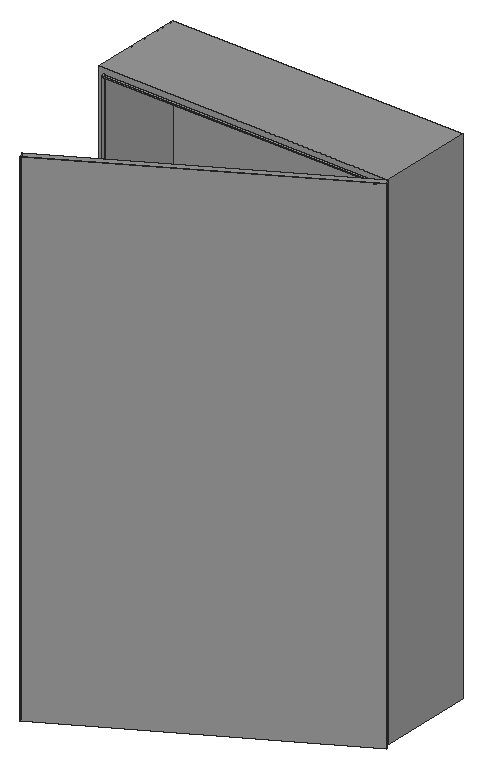
Revit family "Hager-Univers-IP55-D275-H1400-Cl.II-Steel_encl-NoHosted-BE-en", category Equipement électrique, Revit 2020
Family settings
  Configuration du panneau = Deux colonnes, circuits au sein
  Cote de connecteur circulaire = Utiliser le diamètre
  Type d'élément = Tableau de raccordement
  Basée sur le plan de construction = Oui
  Toujours verticalement = Oui
  Couper avec des vides une fois chargée = Non
  Partagée = Non
  Point de calcul de pièce = Non
Parameters (values of type "Surface mounted (plaster) IP55 W800 H1400 D275  - FR93S")
  Width Control [instance] = if([EF000008 - Width] > Min Width, [EF000008 - Width], Min Width)  # 800 mm
  Commentaires du type = [HG000003 - Range]  # "Univers"
  Thickness Door [instance] = if([EF009171 - Material plate thickness door/cover] > 3 mm, 3 mm, [EF009171 - Material plate thickness door/cover])  # 1.5 mm
  Seal Frame Offset [instance] = 17 mm  # constant formula
  Plinth Visibility [instance] = [HG000027 - Plinth height] > 0 mm  # no
  Min Width [instance] = 100 mm  # constant formula
  Min Depth [instance] = (2 * [EF009170 - Material plate thickness cabinet]) + 1 mm  # 4 mm
  Min Height [instance] = 100 mm  # constant formula
  Internal Frame Depth [instance] = (Door System Depth * 0.5)  # 9 mm
  Panel Name [instance] = ""  # (empty or 0)
  Model = ""
  HG000027 - Plinth height = 0 mm
  HG000026 - Floor standing = no
  HG000024 - Bottom section height = 600 mm
  HG000023 - Double section enclosure = no
  HG000016 - Door 3d visibility [instance] = yes
  HG000015 - Clearance visibility [instance] = no
  HG000014 - Door on the right [instance] = yes
  HG000013 - Door on the left [instance] = not([HG000014 - Door on the right])  # no
  HG000012 - Door swing angle [instance] = 30.00°
  HG000010 - Asymmetric doors = no
  HG000009 - Double swing door = no
  HG000006 - Flush mounted = no
  HG000004 - Manufacturer reference = "FR93S"
  HG000003 - Range = "Univers"
  HG000002 - With door or cover = yes
  Frame Offset Bottom [instance] = 10 mm  # constant formula
  Frame Offset [instance] = 15 mm  # constant formula
  EF015940 - Cover with overpressure release = no
  EF011959 - Degree of protection (NEMA) = ""
  EF009554 - Number of openings for flange plates = 6
  EF009212 - Cover model = "EV000116 - Closed"
  EF009171 - Material plate thickness door/cover = 1.5 mm
  EF009170 - Material plate thickness cabinet = 1.5 mm
  EF008873 - Nominal current (In) = 800 A
  EF007800 - Suitable for lightning protection = no
  EF006306 - With lock = no
  EF006244 - Transparent cover/door = no
  EF005474 - Degree of protection (IP) = "EV006420 - IP55"
  EF004464 - Type of door = "EV002646 - Single"
  EF004427 - Number of modules = 324
  EF004293 - Impact strength = "EV008784 - IK10"
  EF003532 - Suitable for outdoor use = no
  EF002950 - Width in number of modular spacings = 24
  EF001613 - Circuit integrity = "EV000494 - None"
  EF001596 - Material housing = "EV000179 - Steel"
  EF001131 - Internal depth = 275 mm
  EF001088 - Extension possible = yes
  EF000437 - Number of conduit inlets = 6
  EF000339 - Type of cover = "EV004216 - Door"
  EF000266 - Number of rows = 9
  EF000218 - Built-in depth = 0 mm
  EF000118 - With mounting plate = no
  EF000116 - RAL-number = "7035"
  EF000049 - Depth = 275 mm
  EF000040 - Height = 1400 mm
  EF000008 - Width = 800 mm
  EF000007 - Colour = "EV000270 - Grey"
  EF000003 - Mounting method = "EV000384 - Surface mounted (plaster)"
  Door System Leaf Tolerance [instance] = 1.5 mm  # constant formula
  Door System Depth [instance] = 18 mm  # constant formula
  Door Height [instance] = Height Control - [HG000027 - Plinth height]  # 1400 mm
  Description = ""
  Default Elevation = 1219.2 mm
  Connector Offset [instance] = Height Control / 2  # 700 mm
  Fabricant = "Hager"  # constant formula
  Height Control [instance] = if([EF000040 - Height] > Min Height, [EF000040 - Height], Min Height)  # 1400 mm
  Depth Control [instance] = if([EF000049 - Depth] > Min Depth, [EF000049 - Depth], Min Depth)  # 275 mm
  Bottom Top Plate Trim [instance] = 1.5 mm  # constant formula
  Plinth height Ctrl [instance] = if([HG000027 - Plinth height] > 0 mm, [HG000027 - Plinth height], 12 mm)  # 12 mm
Types (5, lengths in mm): name | Width Control | HG000010 - Asymmetric doors | HG000009 - Double swing door | HG000004 - Manufacturer reference | EF009554 - Number of openings for flange plates | EF004464 - Type of door | EF004427 - Number of modules | EF000437 - Number of conduit inlets | EF000008 - Width
  Surface mounted (plaster) IP55 W1050 H1400 D275  - FR94S | 1050 | no | yes | "FR94S" | 8 | "EV003602 - Double" | 432 | 8 | 1050
  Surface mounted (plaster) IP55 W1300 H1400 D275  - FR95S | 1300 | yes | yes | "FR95S" | 10 | "EV003602 - Double" | 540 | 10 | 1300
  Surface mounted (plaster) IP55 W300 H1400 D275  - FR91S | 300 | no | no | "FR91S" | 2 | "EV002646 - Single" | 108 | 2 | 300
  Surface mounted (plaster) IP55 W550 H1400 D275  - FR92S | 550 | no | no | "FR92S" | 4 | "EV002646 - Single" | 216 | 4 | 550
  Surface mounted (plaster) IP55 W800 H1400 D275  - FR93S | 800 | no | no | "FR93S" | 6 | "EV002646 - Single" | 324 | 6 | 800
Reference planes
  plane 1 "Center (Front/Back)": y = 0
  plane 2: z = 0
  plane 3 "Center (Left/Right)": x = 0
  plane 4: y = 0
  plane 5: y = 0
  plane 6: z = 0
  plane 7: x = -400
  plane 8: x = 400
  plane 9: x = 398.5
  plane 10: x = -398.5
  plane 11: z = 0
  plane 12: z = 1.5
  plane 13: y = -275
  plane 14: y = -1.5
  plane 15: x = 0
  plane 16: y = -257
  plane 17: y = -273.5
  plane 18: y = -255.5
  plane 19: x = -383.5
  plane 20: x = 383.5
  plane 21: z = 11.5
  plane 22: x = -383
  plane 23: x = 383
  plane 24: z = 0
  plane 25: z = 1400
  plane 26: z = 1400
  plane 27: z = 1383.5
  plane 28: z = 1398.5
Forms (mm)
  Extrusion 1, solid, material "Hager_Steel_RAL7035_Light_Grey", detail levels medium+fine
    sketch origin (-208.679, -4572, 0) x (-1, 0, 0) y (0, -1, 0)
      loop
        line (191.321, -4315) -> (-608.679, -4315) -> (-608.679, -4572) -> (191.321, -4572) -> (191.321, -4315)
    from 0 to 1400
  Extrusion 2, void
    sketch origin (-350.771, -275, 1219.2) x (1, 0, 0) y (0, 0, 1)
      loop
        line (-47.729, 179.3) -> (-47.729, -1217.7) -> (749.271, -1217.7) -> (749.271, 179.3) -> (-47.729, 179.3)
    from -19.5 to -273.5
  Extrusion 3, void
    sketch origin (-290.084, -257, 1219.2) x (1, 0, 0) y (0, 0, 1)
      loop
        line (-93.416, -1207.7) -> (673.584, -1207.7) -> (673.584, 164.3) -> (-93.416, 164.3) -> (-93.416, -1207.7)
    from 0 to -1.5
  Extrusion 4, solid, material "Hager_Steel_RAL7035_Light_Grey", visible <- "Plinth Visibility", detail levels medium+fine
    sketch origin (0, 0, 0) x (1, 0, 0) y (0, 1, 0)
      loop
        line (-400, 0) -> (-400, -257) -> (400, -257) -> (400, 0) -> (-400, 0)
    from 0 to 12 <- "Plinth height Ctrl"
  Extrusion 5, solid, material "Hager_Steel_RAL7035_Light_Grey", detail levels coarse
    sketch origin (0, 0, 0) x (1, 0, 0) y (0, 1, 0)
      loop
        line (-400, 0) -> (-400, -275) -> (400, -275) -> (400, 0) -> (-400, 0)
    from 0 to 1400 <- "Height Control"
  Sweep 6, void
    path in 3D
      loop
        line (-400, -257, 12) -> (400, -257, 12) -> (400, 0, 12) -> (-400, 0, 12) -> (-400, -257, 12)
    profile origin (-400, -128.5, 12) x (1, 0, 0) y (0, 0, 1)
      loop
        line (0, 0) -> (0, -1.5) -> (1.5, -1.5)
        arc (1.5, -1.5) -> (1.061, -0.439) -> (0, 0) r 1.5
  Extrusion 7, solid, material "Hager_Steel_RAL7035_Light_Grey", detail levels fine
    sketch origin (-400, -257, 0) x (1, 0, 0) y (0, 0, 1)
      loop
        line (16.5, 11.5) -> (783.5, 11.5) -> (783.5, 1383.5) -> (16.5, 1383.5) -> (16.5, 11.5)
      loop
        line (15, 10) -> (785, 10) -> (785, 1385) -> (15, 1385) -> (15, 10)
    from 0 to 9 <- "Internal Frame Depth"
Cuts and joins
  Extrusion 2, Extrusion 3 cuts Extrusion 1
  Sweep 6 cuts Extrusion 4
Lines and regions (mm)
  Masking region 1
    outline origin (0, 0, 0) x (1, 0, 0) y (0, 1, 0)
      loop
        line (-400, 0) -> (-400, -275) -> (400, -275) -> (400, 0) -> (-400, 0)
  Masking region 2, detail levels coarse
    outline origin (-290.084, -257, 1219.2) x (-1, 0, 0) y (0, 0, 1)
      loop
        line (-690.084, -1219.2) -> (109.916, -1219.2) -> (109.916, 180.8) -> (-690.084, 180.8) -> (-690.084, -1219.2)
  Masking region 3, detail levels coarse
    outline origin (0, 0, 0) x (0, 1, 0) y (0, 0, 1)
      loop
        line (0, 0) -> (0, 1400) -> (-275, 1400) -> (-275, 0) -> (0, 0)
  Masking region 4, visible <- "Plinth Visibility", detail levels medium+fine
    outline origin (0, 0, 0) x (0, 1, 0) y (0, 0, 1)
      loop
        line (-1.5, 12) -> (-255.5, 12)
        arc (-255.5, 12) -> (-255.939, 10.939) -> (-257, 10.5) r 1.5
        line (-257, 10.5) -> (-257, 0) -> (0, 0) -> (0, 10.5)
        arc (0, 10.5) -> (-1.061, 10.939) -> (-1.5, 12) r 1.5
  Masking region 5, detail levels medium+fine
    outline origin (0, 0, 594.038) x (0, 1, 0) y (0, 0, 1)
      loop
        line (0, -594.038) -> (0, 805.962) -> (-257, 805.962) -> (-257, -594.038) -> (0, -594.038)
  Masking region 6, detail levels medium+fine
    outline origin (-359.7, -257, 1211.883) x (-1, 0, 0) y (0, 0, 1)
      loop
        line (-759.7, -1211.883) -> (40.3, -1211.883) -> (40.3, 188.117) -> (-759.7, 188.117) -> (-759.7, -1211.883)
  Masking region 7, visible <- "Plinth Visibility", detail levels medium+fine
    outline origin (-320.334, -257, 1041.368) x (-1, 0, 0) y (0, 0, 1)
      loop
        line (-720.334, -1041.368) -> (79.666, -1041.368) -> (79.666, -1030.868)
        arc (79.666, -1030.868) -> (78.606, -1030.429) -> (78.166, -1029.368) r 1.5
        line (78.166, -1029.368) -> (-718.834, -1029.368)
        arc (-718.834, -1029.368) -> (-719.273, -1030.429) -> (-720.334, -1030.868) r 1.5
        line (-720.334, -1030.868) -> (-720.334, -1041.368)
  sketch lines
    curve 1: line (-400, 0, 12) -> (-400, -257, 12)
    curve 2: line (-400, -257, 12) -> (400, -257, 12)
    curve 3: line (400, 0, 12) -> (-400, 0, 12)
    curve 4: line (400, -257, 12) -> (400, 0, 12)
Dimensions and locks
  locked: plane 1 "Center (Front/Back)" to plane 5
  "EF009170 - Material plate thickness cabinet": plane 7 to plane 10
  "EF009170 - Material plate thickness cabinet": plane 8 to plane 9
  equal spacing: plane 7, plane 3 "Center (Left/Right)", plane 8
  "Width Control": plane 7 to plane 8
  "Depth Control": plane 4 to plane 13
  "EF009170 - Material plate thickness cabinet": plane 4 to plane 14
  "Height Control": plane 25 to level
  "HG000027 - Plinth height": plane 11 to level
  "EF009170 - Material plate thickness cabinet": plane 12 to plane 11
  "EF009170 - Material plate thickness cabinet": plane 17 to plane 13
  "EF009170 - Material plate thickness cabinet": plane 18 to plane 16
  "Frame Offset Bottom": plane 21 to plane 12
  "Frame Offset": plane 10 to plane 19
  "Frame Offset": plane 9 to plane 20
  "Door System Depth": plane 16 to plane 13
  "Seal Frame Offset": plane 7 to plane 22
  "Seal Frame Offset": plane 8 to plane 23
  "EF009170 - Material plate thickness cabinet": plane 26 to plane 28
  "Frame Offset": plane 28 to plane 27
  "Connector Offset": plane 2 to connector elem
  "Bottom Top Plate Trim": profile plane to Sweep 6 sketch curve
  "Bottom Top Plate Trim": Sweep 6 sketch curve to Sweep 6 sketch curve
  "Plinth height Ctrl": Masking region 4 sketch curve to level
  "Plinth height Ctrl": Masking region 7 sketch curve to level
  "Thickness Door": Extrusion 7 sketch curve to Extrusion 7 sketch curve  (x4)
  "Bottom Top Plate Trim": radius of Sweep 6 sketch curve
  "Bottom Top Plate Trim": radius of Masking region 4 sketch curve  (x2)
  "Bottom Top Plate Trim": radius of Masking region 7 sketch curve  (x2)
  aligned and locked: Extrusion 2 sketch curve to plane 12
  aligned and locked: Extrusion 2 sketch curve to plane 9
  aligned and locked: Extrusion 2 sketch curve to plane 10
  aligned and locked: Extrusion 2 to plane 14
  aligned and locked: Extrusion 1 sketch curve to plane 4
  aligned and locked: plane 8 to Extrusion 1 sketch curve
  aligned and locked: plane 7 to Extrusion 1 sketch curve
  aligned and locked: Extrusion 2 to plane 18
  aligned and locked: Extrusion 3 sketch curve to plane 19
  aligned and locked: plane 20 to Extrusion 3 sketch curve
  aligned and locked: Extrusion 3 to Extrusion 2
  aligned and locked: Extrusion 3 sketch curve to plane 21
  aligned and locked: plane 3 "Center (Left/Right)" to nested 1
  aligned and locked: Extrusion 1 sketch curve to plane 16
  aligned and locked: Extrusion 4 sketch curve to cut or joined group of Extrusion 1, Extrusion 2, Extrusion 3
  aligned and locked: Masking region 1 sketch curve to plane 7
  aligned and locked: Masking region 1 sketch curve to plane 5
  aligned and locked: Masking region 1 sketch curve to plane 8
  aligned and locked: Masking region 2 sketch curve to level
  aligned and locked: level to Masking region 3 sketch curve
  aligned and locked: plane 1 "Center (Front/Back)" to Masking region 3 sketch curve
  aligned and locked: plane 13 to Masking region 3 sketch curve
  aligned and locked: plane 5 to Masking region 4 sketch curve
  aligned and locked: Masking region 2 sketch curve to plane 8
  aligned and locked: Masking region 2 sketch curve to plane 7
  aligned and locked: plane 7 to nested 2
  aligned and locked: nested 2 to plane 5
  aligned and locked: plane 5 to Masking region 5 sketch curve
  aligned and locked: plane 26 to Masking region 5 sketch curve
  aligned and locked: Extrusion 5 sketch curve to plane 8
  aligned and locked: Extrusion 5 sketch curve to plane 7
  aligned and locked: Extrusion 5 sketch curve to plane 5
  aligned and locked: Extrusion 3 sketch curve to plane 27
  aligned and locked: Extrusion 2 sketch curve to plane 28
  aligned and locked: Masking region 2 to plane 25
  aligned and locked: Extrusion 4 to plane 16
  aligned and locked: profile plane to Sweep 6 sketch curve
  aligned and locked: Masking region 5 sketch curve to plane 24
  aligned and locked: level to Masking region 4 sketch curve
  aligned and locked: Masking region 1 to plane 13
  aligned and locked: nested 1 to plane 16
  aligned and locked: Masking region 3 to plane 25
  aligned and locked: plane 16 to Masking region 4 sketch curve
  aligned and locked: Masking region 5 sketch curve to plane 16
  aligned and locked: plane 24 to plane 11
  aligned and locked: plane 26 to plane 25
  aligned and locked: plane 26 to cut or joined group of Extrusion 1, Extrusion 2, Extrusion 3
  aligned and locked: nested 1 to plane 24
  aligned and locked: Extrusion 1 to Extrusion 3
  aligned and locked: Masking region 6 sketch curve to plane 8
  aligned and locked: Masking region 6 sketch curve to plane 24
  aligned and locked: Masking region 6 sketch curve to plane 7
  aligned and locked: Masking region 6 sketch curve to plane 26
  aligned and locked: Masking region 7 sketch curve to plane 7
  aligned and locked: level to Masking region 7 sketch curve
  aligned and locked: Masking region 7 sketch curve to plane 8
  aligned and locked: Extrusion 7 sketch curve to cut or joined group of Extrusion 1, Extrusion 2, Extrusion 3  (x4)
Automatic sketch dimensions
  plane 19 to Extrusion 3 sketch curve = 0 mm
  Extrusion 3 sketch curve to plane 20 = 0 mm
  Extrusion 3 sketch curve to plane 21 = 0 mm
  Extrusion 4 sketch curve to plane 7 = 0 mm
  Extrusion 4 sketch curve to plane 8 = 0 mm
  Extrusion 4 sketch curve to plane 16 = 0 mm
  Masking region 1 sketch curve to plane 13 = 0 mm
  Masking region 2 sketch curve to plane 25 = 0 mm
  Masking region 3 sketch curve to plane 25 = 0 mm
  Extrusion 5 sketch curve to plane 13 = 0 mm
  profile plane to Sweep 6 sketch curve = 0 mm
Nested families
  nested 1: "EC000058_Univers_Door" at (0, -257, 0), Double <- "HG000009 - Double swing door", Transparent <- "EF006244 - Transparent cover/door", Angle <- "HG000012 - Door swing angle", Door_Right <- "HG000014 - Door on the right", Assymetrical <- "HG000010 - Asymmetric doors", Door <- "HG000002 - With door or cover", Width_Ctrl <- "Width Control", 3d_Door <- "HG000016 - Door 3d visibility", Clearance <- "HG000015 - Clearance visibility", Door_Left <- "HG000013 - Door on the left", Width <- "Width Control", Door_Depth <- "Door System Depth", Leaf_Tolerance <- "Door System Leaf Tolerance", Height <- "Door Height", Lock_Visibility <- "EF006306 - With lock", Thickness <- "Thickness Door", type "EC000058_Univers_Door", detail levels medium+fine
    with min_wh 4 mm, Width_Ctrl 800 mm, Width 800 mm, Transparent no, Thickness 1.5 mm, Seal_Material Hager_Rubber, Lock_Visibility no, Lock_Material Hager_Plastic_RAL9005_Jet_Black, Leaf_Width 800 mm, Leaf_Tolerance_External_Sides 0 mm, Leaf_Tolerance 1.5 mm, Leaf_Offset 0 mm, Leaf_Height 1397 mm, Leaf_2_Width 800 mm, Leaf_2_Offset 400 mm, Leaf_1_Width 800 mm, Leaf_1_Offset 400 mm, Height_Ctrl 1400 mm, Height 1400 mm, Glass_Material Hager_Glass, Double_Clearance_Ctrl no, Double no, Door_Right_Ctrl yes, Door_Right yes, Door_Material Hager_Steel_RAL7035_Light_Grey, Door_Left_Ctrl no, Door_Left no, Door_Depth 18 mm, Door yes, Clearance_Material Hager_Clearance, Clearance_Depth 800 mm, Clearance_Ctrl no, Clearance no, Assymetrical no, Angle 30.00°, 3d_Door yes
  nested 2: "Hager_Enclosure_Symbol" at (-400, 0, 0), Height <- "Depth Control", Width <- "Width Control", type "Hager_Enclosure_Symbol"
    with Width_Ctrl 800 mm, Width 800 mm, Height_Ctrl 275 mm, Height 275 mm, A_Width_Int 18.047 mm, A_Width 216.562 mm, A_Height_Ctrl 240.625 mm, A_Height 240.625 mm
Connectors
  electrical at (0, 0, 700)
    settings: on plane 1 "Center (Front/Back)", index 1, voltage 0 V, apparent load 0 VA, apparent load phase1 0 VA, apparent load phase2 0 VA, apparent load phase3 0 VA, power factor 1, load classification "Other", number of poles 1, system type 30, power factor state 1, is connector primary yes, connector utility no, sub classification motor no, connector description ""
Definition of nested family "EC000058_Univers_Door"
  Parameters (values of type "EC000058_Univers_Door")
    min_wh [instance] = (2 * Thickness) + 1 mm  # 11 mm
    Width_Ctrl [instance] = 400 mm
    Width [instance] = 500 mm
    Transparent [instance] = yes
    Thickness [instance] = 5 mm
    Seal_Material [instance] = none
    Lock_Visibility [instance] = yes
    Lock_Material [instance] = none
    Leaf_Width [instance] = if((Width_Ctrl - 2 * Leaf_Tolerance_External_Sides) > 0 mm, (Width_Ctrl - 2 * Leaf_Tolerance_External_Sides), min_wh)  # 400 mm
    Leaf_Tolerance_External_Sides [instance] = 0 mm  # constant formula
    Leaf_Tolerance [instance] = 1.5 mm
    Leaf_Offset [instance] = 0 mm  # constant formula
    Leaf_Height [instance] = if((Height_Ctrl - 2 * Leaf_Tolerance) > 0 mm, (Height_Ctrl - 2 * Leaf_Tolerance), min_wh)  # 497 mm
    Leaf_2_Width [instance] = if(and(and(Double, Assymetrical), Door_Left), (Leaf_Width / 3) - (Leaf_Tolerance / 2), if(and(and(Double, Assymetrical), Door_Right), (Leaf_Width / 3) * 2 - (Leaf_Tolerance / 2), if(and(Double, not(Assymetrical)), (Leaf_Width / 2) - Leaf_Tolerance, Leaf_Width)))  # 400 mm
    Leaf_2_Offset [instance] = if(and(Double, Assymetrical), Leaf_2_Width / 2, if(and(Double, not(Assymetrical)), Leaf_Width / 4, Leaf_Width / 2))  # 200 mm
    Leaf_1_Width [instance] = if(and(and(Double, Assymetrical), Door_Right), (Leaf_Width / 3) - (Leaf_Tolerance / 2), if(and(and(Double, Assymetrical), Door_Left), (Width / 3) * 2 - (Leaf_Tolerance / 2), if(and(Double, not(Assymetrical)), (Leaf_Width / 2) - Leaf_Tolerance, Leaf_Width)))  # 400 mm
    Leaf_1_Offset [instance] = if(and(Double, Assymetrical), Leaf_1_Width / 2, if(and(Double, not(Assymetrical)), Leaf_Width / 4, Leaf_Width / 2))  # 200 mm
    Height_Ctrl [instance] = if(Height > min_wh, Height, min_wh)  # 500 mm
    Height [instance] = 500 mm
    Glass_Material [instance] = none
    Double_Clearance_Ctrl [instance] = and(Double, Clearance)  # no
    Double [instance] = no
    Door_Right_Ctrl [instance] = and(or(Door_Right, Double), Door)  # yes
    Door_Right [instance] = yes
    Door_Material [instance] = none
    Door_Left_Ctrl [instance] = and(or(Door_Left, Double), Door)  # no
    Door_Left [instance] = no
    Door_Depth [instance] = 30 mm
    Door [instance] = yes
    Default Elevation = 1219.2 mm
    Clearance_Material [instance] = none
    Clearance_Depth [instance] = if(Leaf_1_Width > Leaf_2_Width, Leaf_1_Width, Leaf_2_Width)  # 400 mm
    Clearance_Ctrl [instance] = and(not(Double), Clearance)  # yes
    Clearance [instance] = yes
    Assymetrical [instance] = yes
    Angle [instance] = 30.00°
    3d_Door [instance] = yes
  Reference planes
    plane 1 "Center (Front/Back)": y = 0
    plane 2 "Bottom": z = 0
    plane 3 "Center (Left/Right)": x = 0
    plane 4: z = 500
    plane 5: x = -200
    plane 6: x = 200
    plane 7: z = 500
    plane 8: x = -200
    plane 9: z = 0
    plane 10: x = 200
    plane 11: y = 0
    plane 12: z = 1.5
    plane 13: x = -600
    plane 14: y = -400
    plane 15: x = 600
    plane 16: x = 0
    plane 17: x = 0
    plane 18: x = -200
    plane 19: x = 200
    plane 20: z = 498.5
  Forms (mm)
    Extrusion 1, solid, material <- "Clearance_Material", visible <- "Double_Clearance_Ctrl"
      sketch origin (1200, 0, 0) x (1, 0, 0) y (0, 0, -1)
        loop
          line (-1800, -498.5) -> (-600, -498.5) -> (-600, 0) -> (-1800, 0) -> (-1800, -498.5)
      from 0 to -400
  Dimensions and locks
    equal spacing: plane 5, plane 3 "Center (Left/Right)", plane 6
    "Width_Ctrl": plane 5 to plane 6
    "Leaf_Offset": plane 5 to plane 8
    "Leaf_Offset": plane 6 to plane 10
    "Leaf_Offset": plane 9 to level
    "Leaf_Offset": plane 4 to plane 7
    "Height_Ctrl": plane 4 to level
    "Leaf_Tolerance": plane 12 to plane 9
    locked: plane 11 to plane 1 "Center (Front/Back)"
    "Leaf_1_Offset": plane 18 to plane 16
    "Leaf_2_Offset": plane 17 to plane 19
    "Leaf_1_Width": plane 13 to plane 8
    "Leaf_2_Width": plane 10 to plane 15
    "Clearance_Depth": plane 14 to plane 1 "Center (Front/Back)"
    "Leaf_Tolerance_External_Sides": plane 8 to plane 18
    "Leaf_Tolerance_External_Sides": plane 19 to plane 10
    "Leaf_Tolerance": plane 7 to plane 20
    aligned and locked: level to plane 2 "Bottom"
    aligned and locked: nested 1 to plane 16
    aligned and locked: nested 2 to plane 17
    aligned and locked: Extrusion 1 to plane 13
    aligned and locked: plane 15 to Extrusion 1
    aligned and locked: Extrusion 1 to plane 14
    aligned and locked: plane 12 to nested 1
    aligned and locked: nested 2 to plane 12
    aligned and locked: Extrusion 1 to plane 11
    aligned and locked: plane 20 to Extrusion 1
    aligned and locked: nested 2 to plane 11
    aligned and locked: nested 1 to plane 11
  Automatic sketch dimensions
    Extrusion 1 sketch curve to level = 0 mm
    plane 5 to Extrusion 1 sketch curve = 400 mm
    plane 6 to Extrusion 1 sketch curve = 400 mm
    Extrusion 1 sketch curve to plane 4 = 1.5 mm
  Nested families
    nested 1: "EC000058_Univers_Door_Leaf" at (0, 0, 1.5), Width <- "Leaf_1_Width", visible <- "Door_Left_Ctrl", Leaf_Height <- "Leaf_Height", Angle <- "Angle", 3d_Door <- "3d_Door", Transparent <- "Transparent", Clearance Material <- "Clearance_Material", Clearance <- "Clearance_Ctrl", Door_Material <- "Door_Material", Glass_Material <- "Glass_Material", Door_Depth <- "Door_Depth", Lock_Material <- "Lock_Material", Seal_Material <- "Seal_Material", Lock_Visibility <- "Lock_Visibility", Thickness <- "Thickness", type "EC000058_Univers_Door_Leaf"
      with Width 400 mm, Transparent_Glass_Offset 30 mm, Transparent_Ctrl yes, Transparent yes, Thickness 5 mm, Standard no, Seal_Material none, Seal_D2 8 mm, Seal_D1 1 mm, Offset_Internal_Frame 10 mm, Lock_Width 20 mm, Lock_Visibility_3d yes, Lock_Visibility yes, Lock_Thickness_3 3 mm, Lock_Thickness_2 1 mm, Lock_Thickness_1 3 mm, Lock_Radius_Offset_2 16 mm, Lock_Radius_Offset_1 15 mm, Lock_Radius_2 5 mm, Lock_Radius 6 mm, Lock_Offset 5 mm, Lock_Material none, Lock_Height 80 mm, Lock_Cover_Top_Offset_2d 17 mm, Lock_Cover_Height -65 mm, Leaf_Height 497 mm, Internal_Seal_Thickness 8 mm, Internal_Seal_Depth_2 4.5 mm, Internal_Frame_Depth 25 mm, Glass_Thickness -1 mm, Glass_Offset -2 mm, Glass_Material none, Door_Material none, Door_Depth 30 mm, Clearance Material none, Clearance yes, Angle_Ctrl 30.00°, Angle 30.00°, 3d_Door yes
    nested 2: "EC000058_Univers_Door_Leaf" at (0, 0, 1.5) x (-1, 0, 0) z (0, 0, 1), Width <- "Leaf_2_Width", visible <- "Door_Right_Ctrl", Leaf_Height <- "Leaf_Height", Angle <- "Angle", 3d_Door <- "3d_Door", Transparent <- "Transparent", Clearance Material <- "Clearance_Material", Clearance <- "Clearance_Ctrl", Door_Material <- "Door_Material", Glass_Material <- "Glass_Material", Door_Depth <- "Door_Depth", Lock_Material <- "Lock_Material", Seal_Material <- "Seal_Material", Lock_Visibility <- "Lock_Visibility", Thickness <- "Thickness", type "EC000058_Univers_Door_Leaf"
      with Width 400 mm, Transparent_Glass_Offset 30 mm, Transparent_Ctrl yes, Transparent yes, Thickness 5 mm, Standard no, Seal_Material none, Seal_D2 8 mm, Seal_D1 1 mm, Offset_Internal_Frame 10 mm, Lock_Width 20 mm, Lock_Visibility_3d yes, Lock_Visibility yes, Lock_Thickness_3 3 mm, Lock_Thickness_2 1 mm, Lock_Thickness_1 3 mm, Lock_Radius_Offset_2 16 mm, Lock_Radius_Offset_1 15 mm, Lock_Radius_2 5 mm, Lock_Radius 6 mm, Lock_Offset 5 mm, Lock_Material none, Lock_Height 80 mm, Lock_Cover_Top_Offset_2d 17 mm, Lock_Cover_Height -65 mm, Leaf_Height 497 mm, Internal_Seal_Thickness 8 mm, Internal_Seal_Depth_2 4.5 mm, Internal_Frame_Depth 25 mm, Glass_Thickness -1 mm, Glass_Offset -2 mm, Glass_Material none, Door_Material none, Door_Depth 30 mm, Clearance Material none, Clearance yes, Angle_Ctrl 30.00°, Angle 30.00°, 3d_Door yes
  Definition of nested family "EC000058_Univers_Door_Leaf"
    Parameters (values of type "EC000058_Univers_Door_Leaf")
      Width [instance] = 2000 mm
      Transparent_Glass_Offset [instance] = 30 mm
      Transparent_Ctrl [instance] = and(Transparent, [3d_Door])  # yes
      Transparent [instance] = yes
      Thickness [instance] = 5 mm
      Standard [instance] = and(not(Transparent), [3d_Door])  # no
      Seal_Material [instance] = none
      Seal_D2 [instance] = 8 mm  # constant formula
      Seal_D1 [instance] = 1 mm  # constant formula
      Offset_Internal_Frame [instance] = 10 mm  # constant formula
      Lock_Width [instance] = 20 mm  # constant formula
      Lock_Visibility_3d [instance] = and(Lock_Visibility, [3d_Door])  # yes
      Lock_Visibility [instance] = yes
      Lock_Thickness_3 [instance] = 3 mm  # constant formula
      Lock_Thickness_2 [instance] = 1 mm  # constant formula
      Lock_Thickness_1 [instance] = 3 mm  # constant formula
      Lock_Radius_Offset_2 [instance] = Lock_Radius_Offset_1 + 1 mm  # 16 mm
      Lock_Radius_Offset_1 [instance] = 15 mm  # constant formula
      Lock_Radius_2 [instance] = Lock_Radius - 1 mm  # 5 mm
      Lock_Radius [instance] = 6 mm  # constant formula
      Lock_Offset [instance] = 5 mm  # constant formula
      Lock_Material [instance] = none
      Lock_Height [instance] = 80 mm  # constant formula
      Lock_Cover_Top_Offset_2d [instance] = Lock_Radius_Offset_2 + 1 mm  # 17 mm
      Lock_Cover_Height [instance] = -(Lock_Height - Lock_Radius_Offset_1)  # -65 mm
      Leaf_Height [instance] = 2720.336 mm
      Internal_Seal_Thickness [instance] = 8 mm  # constant formula
      Internal_Seal_Depth_2 [instance] = 4.5 mm  # constant formula
      Internal_Frame_Depth [instance] = if(Door_Depth - Thickness > 5 mm, Door_Depth - Thickness, 5 mm)  # 25 mm
      Glass_Thickness [instance] = if(Thickness > 15 mm, Glass_Offset + 10 mm, -1 mm)  # -1 mm
      Glass_Offset [instance] = if(Thickness > 15 mm, -(Thickness + 10 mm) / 2, -2 mm)  # -2 mm
      Glass_Material [instance] = none
      Door_Material [instance] = none
      Door_Depth [instance] = 30 mm
      Default Elevation = 0 mm
      Clearance Material [instance] = none
      Clearance [instance] = yes
      Angle_Ctrl [instance] = if(Angle > 180.00°, 180.00°, Angle)  # 90.00°
      Angle [instance] = 90.00°
      3d_Door [instance] = yes
    Reference planes
      plane 1 "Center (Front/Back)": y = 0
      plane 2: z = 0
      plane 3 "Center (Left/Right)": x = 0
      plane 4: y = 2000
      plane 5: x = -1000
      plane 6: x = 1000
      plane 7: x = -3000
      plane 8: z = 2720.336
      plane 9: z = 30
      plane 10: z = 2690.336
      plane 11: x = 970
      plane 12: x = -970
      plane 13: y = -3
      plane 14: z = 107.833
      plane 15: y = -5
      plane 16: y = -223.314
      plane 17: x = -1000
      plane 18: z = 1360.168
      plane 19: y = 30
    Forms (mm)
      Extrusion 1, solid, material <- "Clearance Material", visible <- "Clearance"
        sketch origin (0, 0, 0) x (1, 0, 0) y (0, 0, 1)
          loop
            line (-3000, 2720.336) -> (-3000, 0) -> (1000, 0) -> (1000, 2720.336) -> (-3000, 2720.336)
        from 0 to -2000
      Extrusion 2, solid, material <- "Door_Material", visible <- "Standard", detail levels medium+fine
        sketch origin (-1000, 0, 0) x (0, 1, 0) y (-1, 0, 0)
          loop
            line (0, 30) -> (0, 25) -> (2000, 25) -> (2000, 30) -> (0, 30)
        from 0 to 2720.336 <- "Leaf_Height"
      Extrusion 3, solid, material <- "Door_Material", visible <- "Transparent_Ctrl", detail levels medium+fine
        sketch origin (-1000, 0, 0) x (0, 1, 0) y (-1, 0, 0)
          loop
            line (0, 25) -> (2000, 25) -> (2000, 30) -> (0, 30) -> (0, 25)
        from 0 to 2720.336 <- "Leaf_Height"
      Extrusion 4, void
        sketch origin (-1025, 2000, 0) x (0, 1, 0) y (0, 0, -1)
          loop
            line (-30, -2690.336) -> (-30, -30) -> (-1970, -30) -> (-1970, -2690.336) -> (-30, -2690.336)
        from 0 to 5 <- "Thickness"
      Sweep 5, solid, material <- "Seal_Material", visible <- "Transparent_Ctrl", detail levels fine
        path in 3D
          loop
            line (-1025, 30, 30) -> (-1025, 30, 2690.336) -> (-1025, 1970, 2690.336) -> (-1025, 1970, 30) -> (-1025, 30, 30)
        profile origin (-1025, 1000, 30) x (1, 0, 0) y (0, 0, 1)
          loop
            line (0, 0) -> (0, -8) -> (1, -8) -> (1, 0) -> (0, 0)
      Extrusion 6, solid, material <- "Glass_Material", visible <- "Transparent_Ctrl", detail levels medium+fine
        sketch origin (-1030, 0, 0) x (0, 1, 0) y (0, 0, -1)
          loop
            line (1970, -2690.336) -> (1970, -30) -> (30, -30) -> (30, -2690.336) -> (1970, -2690.336)
        from -2 <- "Glass_Offset" to -1 <- "Glass_Thickness"
      Extrusion 7, solid, material <- "Door_Material", visible <- "3d_Door", detail levels medium+fine
        sketch origin (-1025, 2000, 0) x (0, -1, 0) y (0, 0, -1)
          loop
            line (0, -2720.336) -> (2000, -2720.336) -> (2000, 0) -> (0, 0) -> (0, -2720.336)
          loop
            line (1995, -5) -> (5, -5) -> (5, -2715.336) -> (1995, -2715.336) -> (1995, -5)
        from 0 to 25 <- "Internal_Frame_Depth"
      Sweep 8, solid, material <- "Seal_Material", visible <- "Transparent_Ctrl", detail levels fine
        path in 3D
          loop
            line (-1025, 0, 0) -> (-1025, 2000, 0) -> (-1025, 2000, 2720.336) -> (-1025, 0, 2720.336) -> (-1025, 0, 0)
        profile origin (-1025, 0, 1360.168) x (1, 0, 0) y (0, 1, 0)
          loop
            line (0, 10) -> (2.975, 10)
            arc (2.975, 10) -> (4.053, 10.447) -> (4.5, 11.525) r 1.525
            line (4.5, 11.525) -> (4.5, 16.527)
            arc (4.5, 16.527) -> (4.069, 17.569) -> (3.027, 18) r 1.473
            line (3.027, 18) -> (0, 18) -> (0, 10)
      Extrusion 9, solid, material <- "Lock_Material", visible <- "Lock_Visibility_3d", detail levels fine
        sketch origin (-1030, 0, 0) x (0, 1, 0) y (0, 0, -1)
          loop
            arc (1993.5, -1400.168) -> (1994.561, -1399.729) -> (1995, -1398.668) r 1.5
            line (1995, -1398.668) -> (1995, -1320.168) -> (1975, -1320.168) -> (1975, -1398.668)
            arc (1975, -1398.668) -> (1975.439, -1399.729) -> (1976.5, -1400.168) r 1.5
            line (1976.5, -1400.168) -> (1993.5, -1400.168)
        from 3 <- "Lock_Thickness_1" to 0
      Blend 10, solid, material <- "Lock_Material", visible <- "Lock_Visibility_3d", detail levels fine
        base sketch origin (-1033, 0, 0) x (0, 1, 0) y (0, 0, -1)
          loop
            line (1975, -1320.168) -> (1975, -1398.668)
            arc (1975, -1398.668) -> (1975.439, -1399.729) -> (1976.5, -1400.168) r 1.5
            line (1976.5, -1400.168) -> (1993.5, -1400.168)
            arc (1993.5, -1400.168) -> (1994.561, -1399.729) -> (1995, -1398.668) r 1.5
            line (1995, -1398.668) -> (1995, -1320.168) -> (1975, -1320.168)
        top sketch origin (-1033, 0, 0) x (0, 1, 0) y (0, 0, -1)
          loop
            line (1976, -1320.168) -> (1976, -1398.668)
            arc (1976, -1398.668) -> (1976.146, -1399.022) -> (1976.5, -1399.168) r 0.5
            line (1976.5, -1399.168) -> (1993.5, -1399.168)
            arc (1993.5, -1399.168) -> (1993.854, -1399.022) -> (1994, -1398.668) r 0.5
            line (1994, -1398.668) -> (1994, -1320.168) -> (1976, -1320.168)
        from 0 to 1 <- "Lock_Thickness_2"
      Blend 11, solid, material <- "Lock_Material", visible <- "Lock_Visibility_3d", detail levels fine
        base sketch origin (-1034, 0, 0) x (0, 1, 0) y (0, 0, -1)
          loop
            line (1978, -1320.168) -> (1978, -1384.168)
            arc (1978, -1384.168) -> (1985, -1391.168) -> (1992, -1384.168) r 7
            line (1992, -1384.168) -> (1992, -1320.168) -> (1978, -1320.168)
        top sketch origin (-1034, 0, 0) x (0, 1, 0) y (0, 0, -1)
          loop
            line (1991, -1320.168) -> (1979, -1320.168) -> (1979, -1383.168)
            arc (1979, -1383.168) -> (1985, -1389.168) -> (1991, -1383.168) r 6
            line (1991, -1383.168) -> (1991, -1320.168)
        from 0 to 3 <- "Lock_Thickness_3"
      Extrusion 12, solid, material <- "Lock_Material", visible <- "Lock_Visibility_3d", detail levels fine
        sketch origin (-1030, 1975, 1320.168) x (1, 0, 0) y (0, -1, 0)
          loop
            line (-7, -19) -> (-7, -1) -> (0, -1) -> (0, 0) -> (-8, 0) -> (-8, -20) -> (0, -20) -> (0, -19) -> (-7, -19)
        from 0 to -65 <- "Lock_Cover_Height"
      Extrusion 13, void
        sketch origin (-1038, 1995, 1320.168) x (-1, 0, 0) y (0, 0, -1)
          loop
            line (-5, -65) -> (0, -65) -> (-5, -60) -> (-5, -65)
        from 0 to 20 <- "Lock_Width"
      Extrusion 14, void
        sketch origin (-1038, 1975, 1320.168) x (0, -1, 0) y (0, 0, -1)
          loop
            circle (-10, -15.995) r 6
          loop
            circle (-10, -15.995) r 5
        from 0 to 2
      Extrusion 15, solid, material <- "Lock_Material", visible <- "Lock_Visibility_3d", detail levels medium
        sketch origin (-1030, 0, 0) x (0, 1, 0) y (0, 0, -1)
          loop
            arc (1993.5, -1400.168) -> (1994.561, -1399.729) -> (1995, -1398.668) r 1.5
            line (1995, -1398.668) -> (1995, -1320.168) -> (1975, -1320.168) -> (1975, -1398.668)
            arc (1975, -1398.668) -> (1975.439, -1399.729) -> (1976.5, -1400.168) r 1.5
            line (1976.5, -1400.168) -> (1993.5, -1400.168)
        from 8 to 0
    Cuts and joins
      Extrusion 4 cuts Extrusion 3
      Extrusion 13, Extrusion 14 cuts Extrusion 9
      Extrusion 14 cuts Blend 11
      Extrusion 13, Extrusion 14 cuts Extrusion 12
      joined: Extrusion 9, Blend 10, Blend 11, Extrusion 12
      Extrusion 14 cuts Extrusion 15
    Lines and regions (mm)
      Masking region 1, visible <- "Lock_Visibility", detail levels fine
        outline origin (0, 0, 0) x (0, 1, 0) y (0, 0, 1)
          loop
            line (30, 1320.168) -> (33, 1320.168) -> (33, 1400.168) -> (30, 1400.168) -> (30, 1320.168)
      Masking region 2, visible <- "Lock_Visibility", detail levels fine
        outline origin (0, 3.143, 0) x (0, 1, 0) y (0, 0, 1)
          loop
            line (29.857, 1354.168) -> (30.857, 1354.168) -> (30.857, 1366.168) -> (29.857, 1366.168) -> (29.857, 1354.168)
      Masking region 3, detail levels medium+fine
        outline origin (0, 0, 0) x (0, 1, 0) y (0, 0, 1)
          loop
            line (0, 0) -> (30, 0) -> (30, 2720.336) -> (0, 2720.336) -> (0, 0)
      Masking region 4, detail levels medium+fine
        outline origin (0, 0, 0) x (1, 0, 0) y (0, 0, 1)
          loop
            line (-1000, 2720.336) -> (-1000, 0) -> (1000, 0) -> (1000, 2720.336) -> (-1000, 2720.336)
      Masking region 5, visible <- "Lock_Visibility", detail levels fine
        outline origin (-47.116, 0, 0) x (1, 0, 0) y (0, 0, 1)
          loop
            arc (1024.616, 1399.168) -> (1023.556, 1398.729) -> (1023.116, 1397.668) r 1.5
            line (1023.116, 1397.668) -> (1023.116, 1320.168) -> (1041.116, 1320.168) -> (1041.116, 1397.668)
            arc (1041.116, 1397.668) -> (1040.677, 1398.729) -> (1039.616, 1399.168) r 1.5
            line (1039.616, 1399.168) -> (1024.616, 1399.168)
      Masking region 6, visible <- "Lock_Visibility", detail levels medium+fine
        outline origin (-25, 0, 0) x (1, 0, 0) y (0, 0, 1)
          loop
            arc (1001.5, 1400.168) -> (1000.439, 1399.729) -> (1000, 1398.668) r 1.5
            line (1000, 1398.668) -> (1000, 1320.168) -> (1020, 1320.168) -> (1020, 1398.668)
            arc (1020, 1398.668) -> (1019.561, 1399.729) -> (1018.5, 1400.168) r 1.5
            line (1018.5, 1400.168) -> (1001.5, 1400.168)
      Masking region 7, visible <- "Lock_Visibility", detail levels fine
        outline origin (-73.735, 0, 0) x (1, 0, 0) y (0, 0, 1)
          loop
            line (1051.735, 1382.168) -> (1065.735, 1382.168) -> (1065.735, 1384.168)
            arc (1065.735, 1384.168) -> (1058.735, 1391.168) -> (1051.735, 1384.168) r 7
            line (1051.735, 1384.168) -> (1051.735, 1382.168)
      Masking region 8, visible <- "Lock_Visibility", detail levels fine
        outline origin (-73.735, 0, 0) x (1, 0, 0) y (0, 0, 1)
          loop
            line (1052.735, 1382.168) -> (1064.735, 1382.168) -> (1064.735, 1383.168)
            arc (1064.735, 1383.168) -> (1058.735, 1389.168) -> (1052.735, 1383.168) r 6
            line (1052.735, 1383.168) -> (1052.735, 1382.168)
      Masking region 9, visible <- "Lock_Visibility", detail levels fine
        outline origin (-25, 0, 0) x (1, 0, 0) y (0, 0, 1)
          loop
            line (1020, 1320.168) -> (1020, 1382.168) -> (1000, 1382.168) -> (1000, 1320.168) -> (1020, 1320.168)
      Masking region 10, detail levels medium+fine
        outline origin (0, 0, 0) x (1, 0, 0) y (0, 0, 1)
          loop
            circle (985, 1335.144) r 6
      Masking region 11, detail levels fine
        outline origin (0, 0, 0) x (1, 0, 0) y (0, 0, 1)
          loop
            circle (985, 1335.144) r 5
      Masking region 12, visible <- "Lock_Visibility", detail levels fine
        outline origin (0, 12.767, 0) x (0, 1, 0) y (0, 0, 1)
          loop
            line (20.233, 1320.168) -> (21.233, 1320.168) -> (21.233, 1399.168) -> (20.233, 1400.168) -> (20.233, 1320.168)
      Masking region 13, visible <- "Lock_Visibility", detail levels fine
        outline origin (0, 13.767, -10) x (0, 1, 0) y (0, 0, 1)
          loop
            line (20.233, 1330.168) -> (23.233, 1330.168) -> (23.233, 1399.168) -> (20.233, 1402.168) -> (20.233, 1330.168)
      Masking region 14, visible <- "Lock_Visibility", detail levels fine
        outline origin (0, 12.767, -10) x (0, 1, 0) y (0, 0, 1)
          loop
            line (20.233, 1330.168) -> (25.233, 1330.168) -> (25.233, 1399.305) -> (20.233, 1394.305) -> (20.233, 1330.168)
      Masking region 15, visible <- "Lock_Visibility", detail levels medium
        outline origin (0, 0, 0) x (0, 1, 0) y (0, 0, 1)
          loop
            line (30, 1320.168) -> (38, 1320.168) -> (38, 1400.168) -> (30, 1400.168) -> (30, 1320.168)
      Masking region 16, visible <- "Lock_Visibility", detail levels fine
        outline origin (-1000, 0, 0) x (0, 1, 0) y (-1, 0, 0)
          loop
            line (1975, 30) -> (1995, 30) -> (1995, 38) -> (1975, 38) -> (1975, 30)
          loop
            line (1979, 37) -> (1976, 37) -> (1976, 34) -> (1978, 34) -> (1979, 37)
          loop
            line (1994, 37) -> (1991, 37) -> (1992, 34) -> (1994, 34) -> (1994, 37)
      Masking region 17, visible <- "Lock_Visibility", detail levels medium
        outline origin (-1000, 0, 0) x (0, 1, 0) y (-1, 0, 0)
          loop
            line (1975, 30) -> (1995, 30) -> (1995, 38) -> (1975, 38) -> (1975, 30)
      symbolic lines
        curve 1: line (1000, 0, 0) -> (-3000, 0, 0)
        curve 2: arc (1000, 0, 0) -> (-1000, 2000, 0) -> (-3000, 0, 0) r 2000
        curve 4: line (-1030, 0, 0) -> (-1030, 2000, 0)
      reference lines
        curve 3: line (-1000, 0, 0) -> (-1000, 2000, 0)
      symbolic lines, detail levels medium+fine
        curve 5: line (-1030, 2000, 0) -> (-1025, 2000, 0)
        curve 7: line (-1025, 0, 0) -> (-1030, 0, 0)
        curve 8: line (-1025, 0, 0) -> (-1000, 0, 0)
        curve 9: line (-1000, 0, 0) -> (-1000, 2000, 0)
        curve 10: line (-1000, 2000, 0) -> (-1025, 2000, 0)
      symbolic lines, detail levels fine
        curve 6: line (-1025, 2000, 0) -> (-1025, 0, 0)
      sketch lines
        curve 11: line (-1025, 0, 2720.336) -> (-1025, 0, 0)
        curve 12: line (-1025, 2000, 0) -> (-1025, 0, 0)
        curve 13: line (-1025, 2000, 2720.336) -> (-1025, 2000, 0)
        curve 14: line (-1025, 0, 2720.336) -> (-1025, 2000, 2720.336)
        curve 15: line (-1025, 1970, 30) -> (-1025, 30, 30)
        curve 16: line (-1025, 30, 30) -> (-1025, 30, 2690.336)
        curve 17: line (-1025, 1970, 2690.336) -> (-1025, 1970, 30)
        curve 18: line (-1025, 30, 2690.336) -> (-1025, 1970, 2690.336)
      symbolic lines, visible <- "Transparent", detail levels medium+fine
        curve 19: line (-970, 0, 2690.336) -> (970, 0, 2690.336)
        curve 20: line (-970, 0, 30) -> (-970, 0, 2690.336)
        curve 21: line (970, 0, 30) -> (-970, 0, 30)
        curve 22: line (970, 0, 2690.336) -> (970, 0, 30)
    Dimensions and locks
      "Width": plane 1 "Center (Front/Back)" to plane 4
      equal spacing: plane 5, plane 3 "Center (Left/Right)", plane 6
      "Width": plane 5 to plane 6
      "Width": plane 7 to plane 5
      "Leaf_Height": plane 8 to level
      "Width": curve 5 to curve 3
      "Width": curve 3 to curve 3
      plane 8 to plane 10 = 30 mm
      plane 9 to level = 30 mm
      plane 12 to plane 5 = 30 mm
      plane 6 to plane 11 = 30 mm
      Extrusion 1 to Extrusion 4 sketch curve = 30 mm
      "Transparent_Glass_Offset": curve 3 to Extrusion 4 sketch curve
      "Transparent_Glass_Offset": Extrusion 4 sketch curve to cut or joined group of Extrusion 3, Extrusion 4  (x2)
      cut or joined group of Extrusion 3, Extrusion 4 to Extrusion 6 sketch curve = 30 mm
      "Transparent_Glass_Offset": cut or joined group of Extrusion 3, Extrusion 4 to Extrusion 4 sketch curve
      "Thickness": curve 6 to curve 4
      "Thickness": Extrusion 7 sketch curve to Extrusion 7 sketch curve  (x4)
      "Door_Depth": curve 4 to curve 3
      "Offset_Internal_Frame": profile plane to Sweep 8 sketch curve
      "Internal_Seal_Thickness": Sweep 8 sketch curve to Sweep 8 sketch curve
      "Internal_Seal_Depth_2": profile plane to Sweep 8 sketch curve
      "Seal_D1": profile plane to Sweep 5 sketch curve
      "Seal_D2": profile plane to Sweep 5 sketch curve
      "Thickness": Extrusion 2 sketch curve to Extrusion 2 sketch curve
      equal spacing: Extrusion 9 sketch curve, plane 18, Extrusion 9 sketch curve  (x2)
      equal spacing: Masking region 1 sketch curve, plane 18, Masking region 1 sketch curve
      "Lock_Height": Masking region 1 sketch curve to Masking region 1 sketch curve
      "Lock_Radius": Masking region 2 sketch curve to plane 18 to Masking region 2 sketch curve
      Masking region 2 sketch curve to Masking region 1 = 1 mm
      "Door_Depth": plane 19 to plane 1 "Center (Front/Back)"
      "Lock_Thickness_1": Masking region 1 sketch curve to plane 19
      "Lock_Width": Extrusion 9 sketch curve to Extrusion 9 sketch curve
      "Lock_Height": Extrusion 9 sketch curve to Extrusion 9 sketch curve
      "Lock_Offset": cut or joined group of Extrusion 3, Extrusion 4 to Extrusion 9 sketch curve
      equal spacing: plane 8, plane 18, level
      "Lock_Radius_Offset_1": Blend 11 sketch curve to Blend 10
      locked: Blend 10 to Blend 11 sketch curve at 2  (x2)
      locked: var sketch to Blend 11 sketch curve at 1  (x2)
      "Lock_Radius_Offset_2": Blend 11 sketch curve to Blend 10
      locked: Extrusion 12 sketch curve to Extrusion 12 sketch curve at 1  (x3)
      Masking region 6 sketch curve to Masking region 6 sketch curve = 80 mm
      "Lock_Height": Masking region 6 sketch curve to Masking region 6 sketch curve
      "Lock_Width": Masking region 6 sketch curve to Masking region 6 sketch curve
      locked: Masking region 6 to Masking region 5 sketch curve at 1  (x3)
      locked: Masking region 5 to Masking region 7 sketch curve at 2  (x2)
      "Lock_Radius_Offset_1": Masking region 5 to Masking region 7 sketch curve
      "Lock_Radius_Offset_2": Masking region 5 to Masking region 8 sketch curve
      locked: Masking region 7 to Masking region 8 sketch curve at 1  (x2)
      "Lock_Cover_Top_Offset_2d": Masking region 5 to Masking region 9 sketch curve
      equal spacing: Masking region 9, Masking region 10 sketch curve, Masking region 9
      equal spacing: Masking region 9, Masking region 11 sketch curve, Masking region 9
      Extrusion 15 sketch curve to Extrusion 15 sketch curve = 80 mm
      "Lock_Width": Extrusion 15 sketch curve to Extrusion 15 sketch curve
      "Lock_Height": Extrusion 15 sketch curve to Extrusion 15 sketch curve
      equal spacing: Extrusion 15 sketch curve, plane 18, Extrusion 15 sketch curve
      "Lock_Thickness_3": Masking region 13 sketch curve to Masking region 13 sketch curve
      "Lock_Height": Masking region 12 sketch curve to Masking region 12 sketch curve
      locked: Masking region 13 sketch curve to Masking region 1 at 8
      locked: Masking region 14 sketch curve to Masking region 13 at 1
      locked: Masking region 14 sketch curve to Masking region 1 at 10.863
      "Lock_Height": Masking region 15 sketch curve to Masking region 15 sketch curve
      "Lock_Offset": Extrusion 15 sketch curve to cut or joined group of Extrusion 3, Extrusion 4
      "Lock_Offset": plane 6 to Masking region 6 sketch curve
      radius of Sweep 8 sketch curve = 1.525 mm
      radius of Sweep 8 sketch curve = 1.473 mm
      radius of Extrusion 9 sketch curve = 1.5 mm  (x2)
      "Lock_Radius": radius of Extrusion 14 sketch curve
      "Lock_Radius_2": radius of Extrusion 14 sketch curve
      "Lock_Radius": radius of Masking region 10 sketch curve
      "Lock_Radius_2": radius of Masking region 11 sketch curve
      radius of Extrusion 15 sketch curve = 1.5 mm  (x2)
      "Angle_Ctrl": angle plane 1 "Center (Front/Back)" to curve 3
      locked: Masking region 12 sketch curve to Masking region 12 sketch curve (angle 45.00°)
      locked: Masking region 13 sketch curve to Masking region 13 sketch curve (angle 45.00°)
      locked: Masking region 14 sketch curve to Masking region 14 sketch curve (angle 45.00°)
      aligned and locked: level to plane 2
      aligned and locked: Extrusion 1 to curve 1
      aligned and locked: plane 6 to Extrusion 1
      aligned and locked: Extrusion 1 to plane 1 "Center (Front/Back)"
      aligned and locked: plane 4 to Extrusion 1
      aligned and locked: plane 8 to Extrusion 1
      aligned and locked: curve 7 to Extrusion 2 sketch curve
      aligned and locked: curve 5 to Extrusion 2 sketch curve
      aligned and locked: curve 7 to Extrusion 3 sketch curve
      aligned and locked: Extrusion 3 sketch curve to curve 4
      aligned and locked: Extrusion 3 sketch curve to curve 6
      aligned and locked: Extrusion 3 sketch curve to curve 5
      aligned and locked: curve 9 to curve 3
      aligned and locked: Extrusion 7 sketch curve to cut or joined group of Extrusion 3, Extrusion 4  (x4)
      aligned and locked: plane 17 to curve 3
      aligned and locked: plane 1 "Center (Front/Back)" to curve 3
      aligned and locked: plane 17 to plane 5
      aligned and locked: Sweep 8 sketch curve to profile plane
      aligned and locked: Sweep 5 sketch curve to profile plane  (x2)
      aligned and locked: Masking region 1 to Masking region 2 sketch curve
      aligned and locked: plane 19 to Masking region 1 sketch curve
      aligned and locked: plane 1 "Center (Front/Back)" to Masking region 3 sketch curve
      aligned and locked: plane 19 to Masking region 3 sketch curve
      aligned and locked: level to Masking region 3 sketch curve
      aligned and locked: Masking region 3 sketch curve to plane 8
      aligned and locked: plane 17 to Masking region 4 sketch curve
      aligned and locked: level to Masking region 4 sketch curve
      aligned and locked: Masking region 4 sketch curve to plane 8
      aligned and locked: plane 12 to curve 20
      aligned and locked: plane 10 to curve 19
      aligned and locked: plane 11 to curve 22
      aligned and locked: curve 21 to plane 9
      aligned and locked: Extrusion 2 sketch curve to cut or joined group of Extrusion 3, Extrusion 4
      aligned and locked: Blend 10 sketch curve to Extrusion 9  (x4)
      aligned and locked: Extrusion 9 to Blend 10 sketch curve
      aligned and locked: Blend 10 to Blend 11 sketch curve
      aligned and locked: Extrusion 12 sketch curve to Blend 11
      aligned and locked: Extrusion 12 sketch curve to Extrusion 9  (x4)
      aligned and locked: Masking region 5 sketch curve to Masking region 6
      aligned and locked: Masking region 9 sketch curve to Masking region 6  (x3)
      aligned and locked: Masking region 12 sketch curve to Masking region 1
      aligned and locked: Masking region 13 sketch curve to Masking region 1
      aligned and locked: Masking region 12 to Masking region 14
      aligned and locked: Masking region 14 sketch curve to Masking region 1
      aligned and locked: Masking region 15 sketch curve to Masking region 14
      aligned and locked: Masking region 13 sketch curve to Masking region 12
      aligned and locked: Masking region 16 sketch curve to cut or joined group of Extrusion 14, Extrusion 15  (x4)
      aligned and locked: Masking region 16 sketch curve to cut or joined group of Extrusion 9, Blend 10, Blend 11, Extrusion 12, Extrusion 13, Extrusion 14  (x6)
      aligned and locked: cut or joined group of Extrusion 9, Blend 10, Blend 11, Extrusion 12, Extrusion 13, Extrusion 14 to Masking region 16 sketch curve
      aligned and locked: Masking region 17 sketch curve to cut or joined group of Extrusion 14, Extrusion 15  (x3)
      aligned and locked: Masking region 17 sketch curve to cut or joined group of Extrusion 9, Blend 10, Blend 11, Extrusion 12, Extrusion 13, Extrusion 14
      aligned and locked: Masking region 9 to Masking region 8 sketch curve
      aligned and locked: Masking region 9 to Masking region 7 sketch curve
    Automatic sketch dimensions
      plane 1 "Center (Front/Back)" to curve 2 = 0 mm
      curve 2 to plane 5 = 0 mm
      Extrusion 1 sketch curve to level = 0 mm
      Extrusion 1 sketch curve to plane 7 = 0 mm
      Extrusion 1 sketch curve to plane 6 = 0 mm
      Extrusion 1 sketch curve to plane 8 = 0 mm
      Extrusion 3 to Extrusion 6 sketch curve = 30 mm  (x4)
      Masking region 4 sketch curve to plane 6 = 0 mm
      Blend 10 sketch curve to Extrusion 9 = 1.5 mm
      Blend 10 sketch curve to Extrusion 9 = 1 mm
      Extrusion 13 sketch curve to Extrusion 12 = 0 mm  (x2)
      Extrusion 12 to Extrusion 13 sketch curve = 3 mm
      Extrusion 13 sketch curve to Extrusion 12 = 5 mm
      Extrusion 14 sketch curve to Extrusion 14 sketch curve = 0 mm  (x2)
      Extrusion 14 sketch curve to Extrusion 12 = 10 mm
      Extrusion 14 sketch curve to Extrusion 12 = 15.995 mm
      Masking region 5 sketch curve to Masking region 5 sketch curve = 1.5 mm  (x2)
      Masking region 10 sketch curve to plane 18 = 25.024 mm
      Masking region 11 sketch curve to plane 18 = 25.024 mm
      plane 19 to Masking region 14 sketch curve = 3 mm
      Masking region 16 sketch curve to Masking region 16 sketch curve = 3 mm
      curve 4 to curve 3 = 0 mm
      Blend 10 to Blend 11 sketch curve = 0 mm
      Masking region 6 sketch curve to Masking region 6 sketch curve = 1.5 mm  (x2)
      Masking region 6 sketch curve to plane 18 = 40 mm
      plane 19 to Masking region 12 sketch curve = 3 mm
      Masking region 12 sketch curve to Masking region 12 sketch curve = 1 mm
      Masking region 15 sketch curve to plane 19 = 0 mm
      Masking region 15 sketch curve to plane 18 = 40 mm
      radius of Blend 10 sketch curve to Extrusion 9 = 1 mm
Definition of nested family "Hager_Enclosure_Symbol"
  Parameters (values of type "Hager_Enclosure_Symbol")
    Width_Ctrl [instance] = if(Width > 1 mm, Width, 1 mm)  # 102.27 mm
    Width [instance] = 102.27 mm
    Height_Ctrl [instance] = if(Height > 1 mm, Height, 1 mm)  # 66.5 mm
    A_Width_Int [instance] = if(A_Width / 12 > 2 mm, A_Width / 12, 2 mm)  # 4.364 mm
    A_Width [instance] = if(A_Height_Ctrl * 0.9 > 2 mm, A_Height_Ctrl * 0.9, 2 mm)  # 52.369 mm
    A_Height_Ctrl [instance] = if(A_Height > 2 mm, A_Height, 2 mm)  # 58.188 mm
    Height [instance] = 66.5 mm
    A_Height [instance] = Height - (Height / 8)  # 58.188 mm
  Reference planes
    plane 1 "Centre (avant/arrière)": y = 0
    plane 2: z = 0
    plane 3 "Centre (gauche/droite)": x = 0
    plane 4: x = 52.369
    plane 5: y = 33.042
    plane 6: y = 41.77
    plane 7: y = 66.5
    plane 8: x = 26.184
    plane 9: y = 37.406
    plane 10: x = 102.27
    plane 11: y = 66.5
    plane 12: y = 8.313
  Lines and regions (mm)
    Filled region 1, type "Solid_Black", in view "Niveau de réf."
      outline origin (0, 0, 0) x (1, 0, 0) y (0, 1, 0)
        loop
          line (52.369, 66.5) -> (33.188, 54.536) -> (45.365, 45.006) -> (52.369, 66.5)
    Filled region 2, type "Solid_Black", in view "Niveau de réf."
      outline origin (0, 0, 0) x (1, 0, 0) y (0, 1, 0)
        loop
          line (0, 0) -> (102.27, 0) -> (102.27, 66.5) -> (0, 0)
    detail lines, in view "Niveau de réf."
      curve 1: line (0, 8.313, 0) -> (26.184, 41.77, 0)
      curve 2: line (26.184, 41.77, 0) -> (26.184, 33.042, 0)
      curve 3: line (26.184, 33.042, 0) -> (52.369, 66.5, 0)
  Dimensions and locks
    "A_Width": plane 3 "Centre (gauche/droite)" to plane 4
    equal spacing: plane 3 "Centre (gauche/droite)", plane 8, plane 4
    equal spacing: plane 6, plane 9, plane 5
    equal spacing: curve 3, Filled region 1 sketch curve, Filled region 1 sketch curve
    "Height_Ctrl": plane 1 "Centre (avant/arrière)" to plane 11
    "A_Height_Ctrl": plane 11 to plane 12
    equal spacing: plane 11, plane 9, plane 12
    "A_Width_Int": plane 6 to plane 9
    "Width_Ctrl": plane 3 "Centre (gauche/droite)" to plane 10
    angle Filled region 1 sketch curve to curve 3 = 20.00°
    angle curve 3 to Filled region 1 sketch curve = 20.00°
    locked: curve 3 to Filled region 1 sketch curve (angle 90.00°)
    aligned and locked: plane 10 to Filled region 2
    aligned and locked: plane 11 to Filled region 2 sketch curve
    aligned and locked: plane 10 to Filled region 2 sketch curve
    aligned and locked: plane 3 "Centre (gauche/droite)" to curve 1
    aligned and locked: plane 12 to curve 1
    aligned and locked: plane 7 to plane 11
  Automatic sketch dimensions
    Filled region 1 sketch curve to plane 4 = 0 mm
    Filled region 1 sketch curve to plane 7 = 0 mm
    plane 1 "Centre (avant/arrière)" to Filled region 2 sketch curve = 0 mm
    Filled region 2 sketch curve to plane 3 "Centre (gauche/droite)" = 0 mm
    curve 2 to plane 6 = 0 mm
    curve 2 to plane 8 = 0 mm
    curve 3 to plane 4 = 0 mm
    curve 2 to plane 5 = 0 mm
    curve 3 to plane 7 = 0 mm
